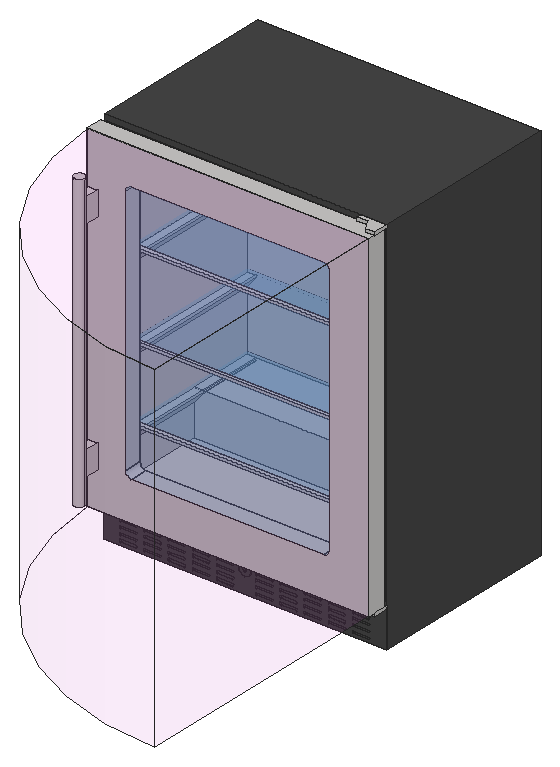
Revit family "QF_Summit_ASDG2411_ADA_Compliant_Beverage_Center", category Specialty Equipment, Revit 2020
Family settings
  Round Connector Dimension = Use Diameter
  Part Type = Normal
  Work Plane-Based = No
  Always vertical = Yes
  Cut with Voids When Loaded = No
  Shared = No
  Room Calculation Point = No
Parameters
  Weight in Pounds = 120
  Watts = if(Phase = 3, Volts * FL Amps * 1.73, Volts * FL Amps)  # 115 W
  Volts = 115 V
  URL Cutsheet = ""
  Specification by User = ""
  Specification by Manufacturer = ""
  Show RHD [instance] = yes
  Show LHD [instance] = not(Show RHD)  # no
  Show Kickplate Extension [instance] = no
  Show Feet [instance] = not(Show Kickplate Extension)  # yes
  Show Clearance [instance] = yes
  Serial Number = ""
  Seismic Rating = ""
  SMACNA No = ""
  Revision Code = ""
  Phase = 1
  Number of Poles = 1
  NAFEM Spec ID Number = ""
  Model = "ASDG2411"
  Min Ckt Ampacity = 0 A
  Max Overcurrent Protection = 0 A
  Masterspec = ""
  Manufacturer = "Summit"
  Length = 23 3/8"
  Item Number = ""
  Installed By = ""
  Identify Quantity as Lot = yes
  Height = 32"
  HP = ""
  Furnished By = ""
  Foodservice Equipment Identifier = yes
  FL Amps = 1 A
  Electrical Remarks = ""
  Electric Connection Type = ""
  Elec Conn RI Height = 0"
  Elec Conn Connection Height = 0"
  Description = "ADA Compliant Beverage Center"
  Depth = 17 3/4"
  Default Elevation = 0"
  Cycle = 60 Hz
  Conn Plug = ""
  Conn Conduit = yes
  CSI MasterFormat = ""
  Base Height [instance] = if(Show Feet, 1/2", if(Show Kickplate Extension, 2", 1/2"))  # 1/2"
  Apparent Power = if(Phase = 3, Volts * FL Amps * 1.73, Volts * FL Amps)  # 115 VA
Reference planes (in)
  plane 1 "BACK": y = 0
  plane 2: z = 0
  plane 3 "LEFT": x = 0
  plane 4 "RIGHT": x = 23.375
  plane 5 "FRONT": y = -17.75
  plane 6 "TOP": z = 32
  plane 7 "Center Y": x = 11.6875
  plane 8 "Center X": y = -8.875
  plane 9 "Base Height": z = 0.5
  plane 10: y = -39.875
  plane 11: y = -15.875
  plane 12: y = -19.625
  plane 13: z = 3.75
Forms (in)
  Extrusion 1, solid, material "QF_Metal_Black"
    sketch origin (0, 0, 0.5) x (-1, 0, 0) y (0, -1, 0)
      loop
        line (0, 0) -> (0, 15.875) -> (-23.375, 15.875) -> (-23.375, 0) -> (0, 0)
    from 0 to 31.5
  Extrusion 2, solid, material "QF_Metal_Stainless_Polished"
    sketch origin (23.375, -15.875, 0.5) x (-1, 0, 0) y (0, 0, -1)
      loop
        line (23.375, -31.25) -> (23.375, -3.25) -> (0, -3.25) -> (0, -31.25) -> (23.375, -31.25)
      loop
        arc (3.25, -27.75) -> (3.39767, -28.10233) -> (3.75, -28.25) r 0.49827
        line (3.75, -28.25) -> (19.625, -28.24827)
        arc (19.625, -28.24827) -> (19.97733, -28.10233) -> (20.125, -27.75) r 0.49827
        line (20.125, -27.75) -> (20.125, -7)
        arc (20.125, -7) -> (19.97855, -6.64645) -> (19.625, -6.5) r 0.5
        line (19.625, -6.5) -> (3.75, -6.5)
        arc (3.75, -6.5) -> (3.39645, -6.64645) -> (3.25, -7) r 0.5
        line (3.25, -7) -> (3.25, -27.75)
    from 0.375 to 1.875
  Extrusion 3, void
    sketch origin (0, -0.11403, 0) x (0, 1, 0) y (0, 0, 1)
      loop
        line (-21.38597, 30) -> (-21.38597, 5.75) -> (-9.01097, 5.75) -> (-9.01097, 9.5) -> (-3.51097, 9.5) -> (-3.51097, 30) -> (-21.38597, 30)
    from 2 to 21.375
  Extrusion 4, solid, material "Glass"
    sketch origin (23.375, -17.75, 0.5) x (-1, 0, 0) y (0, 0, -1)
      loop
        arc (20.12427, -6.99995) -> (19.9779, -6.64659) -> (19.62454, -6.50023) r 0.49973
        line (19.62454, -6.50023) -> (3.75, -6.50023)
        arc (3.75, -6.50023) -> (3.39661, -6.64661) -> (3.25023, -7) r 0.49977
        line (3.25023, -7) -> (3.25023, -27.74984)
        arc (3.25023, -27.74984) -> (3.3965, -28.10299) -> (3.74965, -28.24927) r 0.49942
        line (3.74965, -28.24927) -> (19.625, -28.24927)
        arc (19.625, -28.24927) -> (19.97803, -28.10303) -> (20.12427, -27.75) r 0.49927
        line (20.12427, -27.75) -> (20.12427, -6.99995)
    from 0 to -1.5
  Extrusion 5, solid, material "QF_Metal_Black"
    sketch origin (23.375, -15.875, 0.5) x (-1, 0, 0) y (0, 0, -1)
      loop
        line (23.375, -3.25) -> (23.375, 0) -> (0, 0) -> (0, -3.25) -> (23.375, -3.25)
      loop
        arc (14.6875, -2.768) -> (14.5625, -2.893) -> (14.6875, -3.018) r 0.125
        line (14.6875, -3.018) -> (15.9375, -3.018)
        arc (15.9375, -3.018) -> (16.0625, -2.893) -> (15.9375, -2.768) r 0.125
        line (15.9375, -2.768) -> (14.6875, -2.768)
      loop
        arc (14.6875, -2.264) -> (14.5625, -2.389) -> (14.6875, -2.514) r 0.125
        line (14.6875, -2.514) -> (15.9375, -2.514)
        arc (15.9375, -2.514) -> (16.0625, -2.389) -> (15.9375, -2.264) r 0.125
        line (15.9375, -2.264) -> (14.6875, -2.264)
      loop
        arc (14.6875, -1.76) -> (14.5625, -1.885) -> (14.6875, -2.01) r 0.125
        line (14.6875, -2.01) -> (15.9375, -2.01)
        arc (15.9375, -2.01) -> (16.0625, -1.885) -> (15.9375, -1.76) r 0.125
        line (15.9375, -1.76) -> (14.6875, -1.76)
      loop
        arc (14.6875, -1.258) -> (14.5625, -1.383) -> (14.6875, -1.508) r 0.125
        line (14.6875, -1.508) -> (15.9375, -1.508)
        arc (15.9375, -1.508) -> (16.0625, -1.383) -> (15.9375, -1.258) r 0.125
        line (15.9375, -1.258) -> (14.6875, -1.258)
      loop
        arc (14.6875, -0.754) -> (14.5625, -0.879) -> (14.6875, -1.004) r 0.125
        line (14.6875, -1.004) -> (15.9375, -1.004)
        arc (15.9375, -1.004) -> (16.0625, -0.879) -> (15.9375, -0.754) r 0.125
        line (15.9375, -0.754) -> (14.6875, -0.754)
      loop
        arc (14.6875, -0.25) -> (14.5625, -0.375) -> (14.6875, -0.5) r 0.125
        line (14.6875, -0.5) -> (15.9375, -0.5)
        arc (15.9375, -0.5) -> (16.0625, -0.375) -> (15.9375, -0.25) r 0.125
        line (15.9375, -0.25) -> (14.6875, -0.25)
      loop
        arc (12.6875, -2.768) -> (12.5625, -2.893) -> (12.6875, -3.018) r 0.125
        line (12.6875, -3.018) -> (13.9375, -3.018)
        arc (13.9375, -3.018) -> (14.0625, -2.893) -> (13.9375, -2.768) r 0.125
        line (13.9375, -2.768) -> (12.6875, -2.768)
      loop
        arc (12.6875, -2.264) -> (12.5625, -2.389) -> (12.6875, -2.514) r 0.125
        line (12.6875, -2.514) -> (13.9375, -2.514)
        arc (13.9375, -2.514) -> (14.0625, -2.389) -> (13.9375, -2.264) r 0.125
        line (13.9375, -2.264) -> (12.6875, -2.264)
      loop
        arc (12.6875, -1.76) -> (12.5625, -1.885) -> (12.6875, -2.01) r 0.125
        line (12.6875, -2.01) -> (13.9375, -2.01)
        arc (13.9375, -2.01) -> (14.0625, -1.885) -> (13.9375, -1.76) r 0.125
        line (13.9375, -1.76) -> (12.6875, -1.76)
      loop
        arc (12.6875, -1.258) -> (12.5625, -1.383) -> (12.6875, -1.508) r 0.125
        line (12.6875, -1.508) -> (13.9375, -1.508)
        arc (13.9375, -1.508) -> (14.0625, -1.383) -> (13.9375, -1.258) r 0.125
        line (13.9375, -1.258) -> (12.6875, -1.258)
      loop
        arc (12.6875, -0.754) -> (12.5625, -0.879) -> (12.6875, -1.004) r 0.125
        line (12.6875, -1.004) -> (13.9375, -1.004)
        arc (13.9375, -1.004) -> (14.0625, -0.879) -> (13.9375, -0.754) r 0.125
        line (13.9375, -0.754) -> (12.6875, -0.754)
      loop
        arc (12.6875, -0.25) -> (12.5625, -0.375) -> (12.6875, -0.5) r 0.125
        line (12.6875, -0.5) -> (13.9375, -0.5)
        arc (13.9375, -0.5) -> (14.0625, -0.375) -> (13.9375, -0.25) r 0.125
        line (13.9375, -0.25) -> (12.6875, -0.25)
      loop
        circle (11.6875, -1.885) r 0.5625
      loop
        arc (16.6875, -2.768) -> (16.5625, -2.893) -> (16.6875, -3.018) r 0.125
        line (16.6875, -3.018) -> (17.9375, -3.018)
        arc (17.9375, -3.018) -> (18.0625, -2.893) -> (17.9375, -2.768) r 0.125
        line (17.9375, -2.768) -> (16.6875, -2.768)
      loop
        arc (16.6875, -2.264) -> (16.5625, -2.389) -> (16.6875, -2.514) r 0.125
        line (16.6875, -2.514) -> (17.9375, -2.514)
        arc (17.9375, -2.514) -> (18.0625, -2.389) -> (17.9375, -2.264) r 0.125
        line (17.9375, -2.264) -> (16.6875, -2.264)
      loop
        arc (16.6875, -1.76) -> (16.5625, -1.885) -> (16.6875, -2.01) r 0.125
        line (16.6875, -2.01) -> (17.9375, -2.01)
        arc (17.9375, -2.01) -> (18.0625, -1.885) -> (17.9375, -1.76) r 0.125
        line (17.9375, -1.76) -> (16.6875, -1.76)
      loop
        arc (16.6875, -1.258) -> (16.5625, -1.383) -> (16.6875, -1.508) r 0.125
        line (16.6875, -1.508) -> (17.9375, -1.508)
        arc (17.9375, -1.508) -> (18.0625, -1.383) -> (17.9375, -1.258) r 0.125
        line (17.9375, -1.258) -> (16.6875, -1.258)
      loop
        arc (16.6875, -0.754) -> (16.5625, -0.879) -> (16.6875, -1.004) r 0.125
        line (16.6875, -1.004) -> (17.9375, -1.004)
        arc (17.9375, -1.004) -> (18.0625, -0.879) -> (17.9375, -0.754) r 0.125
        line (17.9375, -0.754) -> (16.6875, -0.754)
      loop
        arc (16.6875, -0.25) -> (16.5625, -0.375) -> (16.6875, -0.5) r 0.125
        line (16.6875, -0.5) -> (17.9375, -0.5)
        arc (17.9375, -0.5) -> (18.0625, -0.375) -> (17.9375, -0.25) r 0.125
        line (17.9375, -0.25) -> (16.6875, -0.25)
      loop
        arc (18.6875, -2.768) -> (18.5625, -2.893) -> (18.6875, -3.018) r 0.125
        line (18.6875, -3.018) -> (19.9375, -3.018)
        arc (19.9375, -3.018) -> (20.0625, -2.893) -> (19.9375, -2.768) r 0.125
        line (19.9375, -2.768) -> (18.6875, -2.768)
      loop
        arc (18.6875, -2.264) -> (18.5625, -2.389) -> (18.6875, -2.514) r 0.125
        line (18.6875, -2.514) -> (19.9375, -2.514)
        arc (19.9375, -2.514) -> (20.0625, -2.389) -> (19.9375, -2.264) r 0.125
        line (19.9375, -2.264) -> (18.6875, -2.264)
      loop
        arc (18.6875, -1.76) -> (18.5625, -1.885) -> (18.6875, -2.01) r 0.125
        line (18.6875, -2.01) -> (19.9375, -2.01)
        arc (19.9375, -2.01) -> (20.0625, -1.885) -> (19.9375, -1.76) r 0.125
        line (19.9375, -1.76) -> (18.6875, -1.76)
      loop
        arc (18.6875, -1.258) -> (18.5625, -1.383) -> (18.6875, -1.508) r 0.125
        line (18.6875, -1.508) -> (19.9375, -1.508)
        arc (19.9375, -1.508) -> (20.0625, -1.383) -> (19.9375, -1.258) r 0.125
        line (19.9375, -1.258) -> (18.6875, -1.258)
      loop
        arc (18.6875, -0.754) -> (18.5625, -0.879) -> (18.6875, -1.004) r 0.125
        line (18.6875, -1.004) -> (19.9375, -1.004)
        arc (19.9375, -1.004) -> (20.0625, -0.879) -> (19.9375, -0.754) r 0.125
        line (19.9375, -0.754) -> (18.6875, -0.754)
      loop
        arc (18.6875, -0.25) -> (18.5625, -0.375) -> (18.6875, -0.5) r 0.125
        line (18.6875, -0.5) -> (19.9375, -0.5)
        arc (19.9375, -0.5) -> (20.0625, -0.375) -> (19.9375, -0.25) r 0.125
        line (19.9375, -0.25) -> (18.6875, -0.25)
      loop
        arc (20.6875, -2.768) -> (20.5625, -2.893) -> (20.6875, -3.018) r 0.125
        line (20.6875, -3.018) -> (21.9375, -3.018)
        arc (21.9375, -3.018) -> (22.0625, -2.893) -> (21.9375, -2.768) r 0.125
        line (21.9375, -2.768) -> (20.6875, -2.768)
      loop
        arc (20.6875, -2.264) -> (20.5625, -2.389) -> (20.6875, -2.514) r 0.125
        line (20.6875, -2.514) -> (21.9375, -2.514)
        arc (21.9375, -2.514) -> (22.0625, -2.389) -> (21.9375, -2.264) r 0.125
        line (21.9375, -2.264) -> (20.6875, -2.264)
      loop
        arc (20.6875, -1.76) -> (20.5625, -1.885) -> (20.6875, -2.01) r 0.125
        line (20.6875, -2.01) -> (21.9375, -2.01)
        arc (21.9375, -2.01) -> (22.0625, -1.885) -> (21.9375, -1.76) r 0.125
        line (21.9375, -1.76) -> (20.6875, -1.76)
      loop
        arc (20.6875, -1.258) -> (20.5625, -1.383) -> (20.6875, -1.508) r 0.125
        line (20.6875, -1.508) -> (21.9375, -1.508)
        arc (21.9375, -1.508) -> (22.0625, -1.383) -> (21.9375, -1.258) r 0.125
        line (21.9375, -1.258) -> (20.6875, -1.258)
      loop
        arc (20.6875, -0.754) -> (20.5625, -0.879) -> (20.6875, -1.004) r 0.125
        line (20.6875, -1.004) -> (21.9375, -1.004)
        arc (21.9375, -1.004) -> (22.0625, -0.879) -> (21.9375, -0.754) r 0.125
        line (21.9375, -0.754) -> (20.6875, -0.754)
      loop
        arc (20.6875, -0.25) -> (20.5625, -0.375) -> (20.6875, -0.5) r 0.125
        line (20.6875, -0.5) -> (21.9375, -0.5)
        arc (21.9375, -0.5) -> (22.0625, -0.375) -> (21.9375, -0.25) r 0.125
        line (21.9375, -0.25) -> (20.6875, -0.25)
      loop
        line (8.6875, -2.768) -> (7.4375, -2.768)
        arc (7.4375, -2.768) -> (7.3125, -2.893) -> (7.4375, -3.018) r 0.125
        line (7.4375, -3.018) -> (8.6875, -3.018)
        arc (8.6875, -3.018) -> (8.8125, -2.893) -> (8.6875, -2.768) r 0.125
      loop
        line (8.6875, -2.264) -> (7.4375, -2.264)
        arc (7.4375, -2.264) -> (7.3125, -2.389) -> (7.4375, -2.514) r 0.125
        line (7.4375, -2.514) -> (8.6875, -2.514)
        arc (8.6875, -2.514) -> (8.8125, -2.389) -> (8.6875, -2.264) r 0.125
      loop
        line (8.6875, -1.76) -> (7.4375, -1.76)
        arc (7.4375, -1.76) -> (7.3125, -1.885) -> (7.4375, -2.01) r 0.125
        line (7.4375, -2.01) -> (8.6875, -2.01)
        arc (8.6875, -2.01) -> (8.8125, -1.885) -> (8.6875, -1.76) r 0.125
      loop
        line (8.6875, -1.258) -> (7.4375, -1.258)
        arc (7.4375, -1.258) -> (7.3125, -1.383) -> (7.4375, -1.508) r 0.125
        line (7.4375, -1.508) -> (8.6875, -1.508)
        arc (8.6875, -1.508) -> (8.8125, -1.383) -> (8.6875, -1.258) r 0.125
      loop
        line (8.6875, -0.754) -> (7.4375, -0.754)
        arc (7.4375, -0.754) -> (7.3125, -0.879) -> (7.4375, -1.004) r 0.125
        line (7.4375, -1.004) -> (8.6875, -1.004)
        arc (8.6875, -1.004) -> (8.8125, -0.879) -> (8.6875, -0.754) r 0.125
      loop
        line (8.6875, -0.25) -> (7.4375, -0.25)
        arc (7.4375, -0.25) -> (7.3125, -0.375) -> (7.4375, -0.5) r 0.125
        line (7.4375, -0.5) -> (8.6875, -0.5)
        arc (8.6875, -0.5) -> (8.8125, -0.375) -> (8.6875, -0.25) r 0.125
      loop
        line (10.6875, -2.768) -> (9.4375, -2.768)
        arc (9.4375, -2.768) -> (9.3125, -2.893) -> (9.4375, -3.018) r 0.125
        line (9.4375, -3.018) -> (10.6875, -3.018)
        arc (10.6875, -3.018) -> (10.8125, -2.893) -> (10.6875, -2.768) r 0.125
      loop
        line (10.6875, -2.264) -> (9.4375, -2.264)
        arc (9.4375, -2.264) -> (9.3125, -2.389) -> (9.4375, -2.514) r 0.125
        line (9.4375, -2.514) -> (10.6875, -2.514)
        arc (10.6875, -2.514) -> (10.8125, -2.389) -> (10.6875, -2.264) r 0.125
      loop
        line (10.6875, -1.76) -> (9.4375, -1.76)
        arc (9.4375, -1.76) -> (9.3125, -1.885) -> (9.4375, -2.01) r 0.125
        line (9.4375, -2.01) -> (10.6875, -2.01)
        arc (10.6875, -2.01) -> (10.8125, -1.885) -> (10.6875, -1.76) r 0.125
      loop
        line (10.6875, -1.258) -> (9.4375, -1.258)
        arc (9.4375, -1.258) -> (9.3125, -1.383) -> (9.4375, -1.508) r 0.125
        line (9.4375, -1.508) -> (10.6875, -1.508)
        arc (10.6875, -1.508) -> (10.8125, -1.383) -> (10.6875, -1.258) r 0.125
      loop
        line (10.6875, -0.754) -> (9.4375, -0.754)
        arc (9.4375, -0.754) -> (9.3125, -0.879) -> (9.4375, -1.004) r 0.125
        line (9.4375, -1.004) -> (10.6875, -1.004)
        arc (10.6875, -1.004) -> (10.8125, -0.879) -> (10.6875, -0.754) r 0.125
      loop
        line (10.6875, -0.25) -> (9.4375, -0.25)
        arc (9.4375, -0.25) -> (9.3125, -0.375) -> (9.4375, -0.5) r 0.125
        line (9.4375, -0.5) -> (10.6875, -0.5)
        arc (10.6875, -0.5) -> (10.8125, -0.375) -> (10.6875, -0.25) r 0.125
      loop
        line (6.6875, -2.768) -> (5.4375, -2.768)
        arc (5.4375, -2.768) -> (5.3125, -2.893) -> (5.4375, -3.018) r 0.125
        line (5.4375, -3.018) -> (6.6875, -3.018)
        arc (6.6875, -3.018) -> (6.8125, -2.893) -> (6.6875, -2.768) r 0.125
      loop
        line (6.6875, -2.264) -> (5.4375, -2.264)
        arc (5.4375, -2.264) -> (5.3125, -2.389) -> (5.4375, -2.514) r 0.125
        line (5.4375, -2.514) -> (6.6875, -2.514)
        arc (6.6875, -2.514) -> (6.8125, -2.389) -> (6.6875, -2.264) r 0.125
      loop
        line (6.6875, -1.76) -> (5.4375, -1.76)
        arc (5.4375, -1.76) -> (5.3125, -1.885) -> (5.4375, -2.01) r 0.125
        line (5.4375, -2.01) -> (6.6875, -2.01)
        arc (6.6875, -2.01) -> (6.8125, -1.885) -> (6.6875, -1.76) r 0.125
      loop
        line (6.6875, -1.258) -> (5.4375, -1.258)
        arc (5.4375, -1.258) -> (5.3125, -1.383) -> (5.4375, -1.508) r 0.125
        line (5.4375, -1.508) -> (6.6875, -1.508)
        arc (6.6875, -1.508) -> (6.8125, -1.383) -> (6.6875, -1.258) r 0.125
      loop
        line (6.6875, -0.754) -> (5.4375, -0.754)
        arc (5.4375, -0.754) -> (5.3125, -0.879) -> (5.4375, -1.004) r 0.125
        line (5.4375, -1.004) -> (6.6875, -1.004)
        arc (6.6875, -1.004) -> (6.8125, -0.879) -> (6.6875, -0.754) r 0.125
      loop
        line (6.6875, -0.25) -> (5.4375, -0.25)
        arc (5.4375, -0.25) -> (5.3125, -0.375) -> (5.4375, -0.5) r 0.125
        line (5.4375, -0.5) -> (6.6875, -0.5)
        arc (6.6875, -0.5) -> (6.8125, -0.375) -> (6.6875, -0.25) r 0.125
      loop
        line (4.6875, -2.768) -> (3.4375, -2.768)
        arc (3.4375, -2.768) -> (3.3125, -2.893) -> (3.4375, -3.018) r 0.125
        line (3.4375, -3.018) -> (4.6875, -3.018)
        arc (4.6875, -3.018) -> (4.8125, -2.893) -> (4.6875, -2.768) r 0.125
      loop
        line (4.6875, -2.264) -> (3.4375, -2.264)
        arc (3.4375, -2.264) -> (3.3125, -2.389) -> (3.4375, -2.514) r 0.125
        line (3.4375, -2.514) -> (4.6875, -2.514)
        arc (4.6875, -2.514) -> (4.8125, -2.389) -> (4.6875, -2.264) r 0.125
      loop
        line (4.6875, -1.76) -> (3.4375, -1.76)
        arc (3.4375, -1.76) -> (3.3125, -1.885) -> (3.4375, -2.01) r 0.125
        line (3.4375, -2.01) -> (4.6875, -2.01)
        arc (4.6875, -2.01) -> (4.8125, -1.885) -> (4.6875, -1.76) r 0.125
      loop
        line (4.6875, -1.258) -> (3.4375, -1.258)
        arc (3.4375, -1.258) -> (3.3125, -1.383) -> (3.4375, -1.508) r 0.125
        line (3.4375, -1.508) -> (4.6875, -1.508)
        arc (4.6875, -1.508) -> (4.8125, -1.383) -> (4.6875, -1.258) r 0.125
      loop
        line (4.6875, -0.754) -> (3.4375, -0.754)
        arc (3.4375, -0.754) -> (3.3125, -0.879) -> (3.4375, -1.004) r 0.125
        line (3.4375, -1.004) -> (4.6875, -1.004)
        arc (4.6875, -1.004) -> (4.8125, -0.879) -> (4.6875, -0.754) r 0.125
      loop
        line (4.6875, -0.25) -> (3.4375, -0.25)
        arc (3.4375, -0.25) -> (3.3125, -0.375) -> (3.4375, -0.5) r 0.125
        line (3.4375, -0.5) -> (4.6875, -0.5)
        arc (4.6875, -0.5) -> (4.8125, -0.375) -> (4.6875, -0.25) r 0.125
      loop
        line (2.6875, -2.768) -> (1.4375, -2.768)
        arc (1.4375, -2.768) -> (1.3125, -2.893) -> (1.4375, -3.018) r 0.125
        line (1.4375, -3.018) -> (2.6875, -3.018)
        arc (2.6875, -3.018) -> (2.8125, -2.893) -> (2.6875, -2.768) r 0.125
      loop
        line (2.6875, -2.264) -> (1.4375, -2.264)
        arc (1.4375, -2.264) -> (1.3125, -2.389) -> (1.4375, -2.514) r 0.125
        line (1.4375, -2.514) -> (2.6875, -2.514)
        arc (2.6875, -2.514) -> (2.8125, -2.389) -> (2.6875, -2.264) r 0.125
      loop
        line (2.6875, -1.76) -> (1.4375, -1.76)
        arc (1.4375, -1.76) -> (1.3125, -1.885) -> (1.4375, -2.01) r 0.125
        line (1.4375, -2.01) -> (2.6875, -2.01)
        arc (2.6875, -2.01) -> (2.8125, -1.885) -> (2.6875, -1.76) r 0.125
      loop
        line (2.6875, -1.258) -> (1.4375, -1.258)
        arc (1.4375, -1.258) -> (1.3125, -1.383) -> (1.4375, -1.508) r 0.125
        line (1.4375, -1.508) -> (2.6875, -1.508)
        arc (2.6875, -1.508) -> (2.8125, -1.383) -> (2.6875, -1.258) r 0.125
      loop
        line (2.6875, -0.754) -> (1.4375, -0.754)
        arc (1.4375, -0.754) -> (1.3125, -0.879) -> (1.4375, -1.004) r 0.125
        line (1.4375, -1.004) -> (2.6875, -1.004)
        arc (2.6875, -1.004) -> (2.8125, -0.879) -> (2.6875, -0.754) r 0.125
      loop
        line (2.6875, -0.25) -> (1.4375, -0.25)
        arc (1.4375, -0.25) -> (1.3125, -0.375) -> (1.4375, -0.5) r 0.125
        line (1.4375, -0.5) -> (2.6875, -0.5)
        arc (2.6875, -0.5) -> (2.8125, -0.375) -> (2.6875, -0.25) r 0.125
    from 0 to 0.0625
  Extrusion 6, solid, material "QF_Rubber - Black - Smooth"
    sketch origin (23.375, -15.875, 0.5) x (-1, 0, 0) y (0, 0, -1)
      loop
        line (23.1875, -3.4375) -> (0.1875, -3.4375) -> (0.1875, -31.0625) -> (23.1875, -31.0625) -> (23.1875, -3.4375)
      loop
        line (22.1875, -4.4375) -> (1.1875, -4.4375) -> (1.1875, -30.0625) -> (22.1875, -30.0625) -> (22.1875, -4.4375)
    from 0 to 0.375
  Extrusion 7, solid, material "QF_Metal - Stainless - Polished", visible <- "Show RHD"
    sketch origin (0, 0, 32) x (-1, 0, 0) y (0, -1, 0)
      loop
        line (-23.375, 15.875) -> (-21.25, 15.875) -> (-21.25, 16.3125) -> (-22.125, 16.3125) -> (-22.625, 17.125) -> (-23.375, 17.125) -> (-23.375, 15.875)
    from 0 to -0.25
  Extrusion 8, solid, material "QF_Metal - Stainless - Polished", visible <- "Show RHD"
    sketch origin (-5.70957, -180, 3.75) x (-1, 0, 0) y (0, -1, 0)
      loop
        line (-29.08457, -164.125) -> (-26.95957, -164.125) -> (-26.95957, -163.6875) -> (-27.83457, -163.6875) -> (-28.33457, -162.875) -> (-29.08457, -162.875) -> (-29.08457, -164.125)
    from 0 to -0.25
  Extrusion 9, solid, material "QF_Metal_Black"
    sketch origin (23.375, -15.9375, 0.5) x (-1, 0, 0) y (0, 0, -1)
      loop
        circle (11.6875, -1.885) r 0.5
      loop
        arc (11.71179, -2.07097) -> (11.87511, -1.88507) -> (11.71179, -1.69917) r 0.18746
        line (11.71179, -1.69917) -> (11.71179, -2.07097)
      loop
        line (11.66232, -2.07069) -> (11.66232, -1.69923)
        arc (11.66232, -1.69923) -> (11.5002, -1.88496) -> (11.66232, -2.07069) r 0.18745
    from -0.0625 to 0
  Extrusion 10, solid, material "QF_Rubber - Black - Smooth"
    sketch origin (0, 0, 0.5) x (1, 0, 0) y (0, 0, -1)
      loop
        circle (22.62756, -1) r 0.25
    from 0 to 0.0625
  Extrusion 11, solid, material "QF_Metal - Stainless - Polished", visible <- "Show RHD"
    sketch origin (0, 0, 0.5) x (-1, 0, 0) y (0, -1, 0)
      loop
        circle (-0.56375, 19.18625) r 0.43625
    from 4.25 to 28.5
  Extrusion 12, solid, material "QF_Metal - Stainless - Polished", visible <- "Show RHD"
    sketch origin (22.99875, -17.75, 0.5) x (-1, 0, 0) y (0, 0, -1)
      loop
        line (22.065, -25) -> (22.065, -27) -> (22.815, -27) -> (22.815, -25) -> (22.065, -25)
      loop
        line (22.06375, -8.25) -> (22.81375, -8.25) -> (22.81063, -6.25) -> (22.06313, -6.25) -> (22.06375, -8.25)
    from 0 to 1.43625
  Extrusion 13, solid, material "QF_Metal_Black"
    sketch origin (23.375, -15.875, 0.5) x (-1, 0, 0) y (0, 0, -1)
      loop
        line (21.375, -29.5) -> (21.375, -27.75) -> (2, -27.75) -> (2, -29.5) -> (21.375, -29.5)
    from 0 to -0.25
  Revolve 14, solid, material "QF_Metal - Stainless - Polished", visible <- "Show Feet"
    sketch origin (0, -1.6875, 0) x (1, 0, 0) y (0, 0, 1)
      loop
        line (21.67311, 0.5) -> (21.48561, 0.5) -> (21.48561, 0.375) -> (21.10713, 0.375)
        arc (21.10713, 0.375) -> (21.06898, 0.35732) -> (21.05781, 0.31678) r 0.05
        line (21.05781, 0.31678) -> (21.10365, 0.04178)
        arc (21.10365, 0.04178) -> (21.12065, 0.01185) -> (21.15297, 0) r 0.05
        line (21.15297, 0) -> (21.67311, 0) -> (21.67311, 0.5)
      axis (21.67311, 0) -> (21.67311, 0.5)
    angle from 0 to 360
  Revolve 15, solid, material "QF_Metal - Stainless - Polished", visible <- "Show Feet"
    sketch origin (0, -14.3125, 0) x (1, 0, 0) y (0, 0, 1)
      loop
        line (21.67311, 0.5) -> (21.48561, 0.5) -> (21.48561, 0.375) -> (21.10713, 0.375)
        arc (21.10713, 0.375) -> (21.06898, 0.35732) -> (21.05781, 0.31678) r 0.05
        line (21.05781, 0.31678) -> (21.10365, 0.04178)
        arc (21.10365, 0.04178) -> (21.12065, 0.01185) -> (21.15297, 0) r 0.05
        line (21.15297, 0) -> (21.67311, 0) -> (21.67311, 0.5)
      axis (21.67311, 0) -> (21.67311, 0.5)
    angle from 0 to 360
  Revolve 16, solid, material "QF_Metal - Stainless - Polished", visible <- "Show Feet"
    sketch origin (-11.29811, -1.6875, 0) x (1, 0, 0) y (0, 0, 1)
      loop
        line (13.04811, 0.5) -> (12.86061, 0.5) -> (12.86061, 0.375) -> (12.48213, 0.375)
        arc (12.48213, 0.375) -> (12.44398, 0.35732) -> (12.43281, 0.31678) r 0.05
        line (12.43281, 0.31678) -> (12.47865, 0.04178)
        arc (12.47865, 0.04178) -> (12.49565, 0.01185) -> (12.52797, 0) r 0.05
        line (12.52797, 0) -> (13.04811, 0) -> (13.04811, 0.5)
      axis (13.04811, 0) -> (13.04811, 0.5)
    angle from 0 to 360
  Revolve 17, solid, material "QF_Metal - Stainless - Polished", visible <- "Show Feet"
    sketch origin (-11.29811, -14.3125, 0) x (1, 0, 0) y (0, 0, 1)
      loop
        line (13.04811, 0.5) -> (12.86061, 0.5) -> (12.86061, 0.375) -> (12.48213, 0.375)
        arc (12.48213, 0.375) -> (12.44398, 0.35732) -> (12.43281, 0.31678) r 0.05
        line (12.43281, 0.31678) -> (12.47865, 0.04178)
        arc (12.47865, 0.04178) -> (12.49565, 0.01185) -> (12.52797, 0) r 0.05
        line (12.52797, 0) -> (13.04811, 0) -> (13.04811, 0.5)
      axis (13.04811, 0) -> (13.04811, 0.5)
    angle from 0 to 360
  Extrusion 18, solid, material "QF_Clearances_Door_Drawer", visible <- "Show RHD"
    sketch origin (0, 0, 0.5) x (-1, 0, 0) y (0, -1, 0)
      loop
        arc (-0.07647, 17.75) -> (-7.31, 33.46245) -> (-23.375, 39.875) r 23.32965
        line (-23.375, 39.875) -> (-23.375, 17.75) -> (-0.07647, 17.75)
    from 3.25 to 31.25
  Extrusion 19, solid, material "QF_Metal - Stainless - Polished"
    sketch origin (0, -3.625, 30) x (0, 0, -1) y (1, 0, 0)
      loop
        line (7.375, 2) -> (8.49343, 2) -> (7.6049, 2.75) -> (7.375, 2.75) -> (7.375, 2)
      loop
        line (14.375, 2) -> (15.49343, 2) -> (14.6049, 2.75) -> (14.375, 2.75) -> (14.375, 2)
      loop
        line (20.5, 2) -> (21.61843, 2) -> (20.7299, 2.75) -> (20.5, 2.75) -> (20.5, 2)
      loop
        line (7.375, 21.375) -> (7.375, 20.625) -> (7.6049, 20.625) -> (8.49343, 21.375) -> (7.375, 21.375)
      loop
        line (14.375, 21.375) -> (14.375, 20.625) -> (14.6049, 20.625) -> (15.49343, 21.375) -> (14.375, 21.375)
      loop
        line (20.5, 21.375) -> (20.5, 20.625) -> (20.7299, 20.625) -> (21.61843, 21.375) -> (20.5, 21.375)
    from 0 to 12
  Extrusion 20, solid, material "QF_Metal_Black"
    sketch origin (4.27727, -3.625, 30) x (0, 0, -1) y (1, 0, 0)
      loop
        circle (3.99969, 7.375) r 1.96477
      loop
        circle (3.99969, 7.375) r 1.90227
      loop
        circle (3.99969, 7.41023) r 1.625
      loop
        circle (3.99969, 7.41023) r 1.25
      loop
        circle (3.99969, 7.41023) r 0.875
      loop
        circle (3.99969, 7.41023) r 0.5
      loop
        circle (3.99969, 7.41023) r 1.5625
      loop
        circle (3.99969, 7.41023) r 1.1875
      loop
        circle (3.99969, 7.41023) r 0.8125
    from 0.125 to 0.25
  Extrusion 21, solid, material "QF_Metal_Black"
    sketch origin (4.27727, -3.625, 30) x (0, 0, -1) y (1, 0, 0)
      loop
        arc (3.50791, 7.31995) -> (3.05061, 6.88738) -> (2.99599, 6.26028) r 0.88604
        arc (2.99599, 6.26028) -> (3.28366, 5.90563) -> (3.73889, 5.86965) r 0.57918
        arc (3.73889, 5.86965) -> (3.92804, 6.09061) -> (3.82424, 6.36231) r 0.28455
        arc (3.82424, 6.36231) -> (3.67217, 6.57301) -> (3.65323, 6.83216) r 0.47652
        arc (3.65323, 6.83216) -> (3.68313, 6.91495) -> (3.73523, 6.9859) r 0.30803
        arc (3.73523, 6.9859) -> (3.97538, 6.91083) -> (4.22168, 6.96222) r 0.5
        arc (4.22168, 6.96222) -> (4.80298, 6.68934) -> (5.41594, 6.88079) r 0.88604
        arc (5.41594, 6.88079) -> (5.63166, 7.28327) -> (5.4887, 7.71697) r 0.57918
        arc (5.4887, 7.71697) -> (5.21177, 7.80589) -> (5.00138, 7.60505) r 0.28455
        arc (5.00138, 7.60505) -> (4.86594, 7.3833) -> (4.6343, 7.26557) r 0.47652
        arc (4.6343, 7.26557) -> (4.55704, 7.2603) -> (4.48091, 7.27447) r 0.30803
        arc (4.48091, 7.27447) -> (4.49497, 7.34171) -> (4.49969, 7.41023) r 0.5
        arc (4.49969, 7.41023) -> (4.44074, 7.64576) -> (4.27781, 7.82575) r 0.5
        arc (4.27781, 7.82575) -> (4.21448, 8.43492) -> (3.77116, 8.85749) r 0.88604
        arc (3.77116, 8.85749) -> (3.31451, 8.85901) -> (2.9987, 8.52917) r 0.57918
        arc (2.9987, 8.52917) -> (3.0502, 8.24291) -> (3.3263, 8.15144) r 0.28455
        arc (3.3263, 8.15144) -> (3.58568, 8.13596) -> (3.79838, 7.9867) r 0.47652
        arc (3.79838, 7.9867) -> (3.82984, 7.93982) -> (3.85221, 7.88799) r 0.30803
        arc (3.85221, 7.88799) -> (3.5721, 7.66941) -> (3.50791, 7.31995) r 0.5
    from 0 to 0.0625
  Extrusion 22, solid, material "QF_Metal - Stainless - Polished", visible <- "Show LHD"
    sketch origin (23.375, 0, 32) x (1, 0, 0) y (0, 1, 0)
      loop
        line (-23.375, -15.875) -> (-23.375, -17.125) -> (-22.625, -17.125) -> (-22.125, -16.3125) -> (-21.25, -16.3125) -> (-21.25, -15.875) -> (-23.375, -15.875)
    from 0 to -0.25
  Extrusion 23, solid, material "QF_Metal - Stainless - Polished", visible <- "Show LHD"
    sketch origin (29.08457, -180, 3.75) x (1, 0, 0) y (0, 1, 0)
      loop
        line (-29.08457, 164.125) -> (-29.08457, 162.875) -> (-28.33457, 162.875) -> (-27.83457, 163.6875) -> (-26.95957, 163.6875) -> (-26.95957, 164.125) -> (-29.08457, 164.125)
    from 0 to -0.25
  Extrusion 24, solid, material "QF_Metal - Stainless - Polished", visible <- "Show LHD"
    sketch origin (23.375, 0, 0.5) x (1, 0, 0) y (0, 1, 0)
      loop
        circle (-0.56375, -19.18625) r 0.43625
    from 4.25 to 28.5
  Extrusion 25, solid, material "QF_Metal - Stainless - Polished", visible <- "Show LHD"
    sketch origin (0.37625, -17.75, 0.5) x (1, 0, 0) y (0, 0, 1)
      loop
        line (22.065, 25) -> (22.815, 25) -> (22.815, 27) -> (22.065, 27) -> (22.065, 25)
      loop
        line (22.06375, 8.25) -> (22.06313, 6.25) -> (22.81063, 6.25) -> (22.81375, 8.25) -> (22.06375, 8.25)
    from 0 to 1.43625
  Extrusion 26, solid, material "QF_Clearances_Door_Drawer", visible <- "Show LHD"
    sketch origin (23.375, 0, 0.5) x (1, 0, 0) y (0, 1, 0)
      loop
        line (-0.07647, -17.75) -> (-23.375, -17.75) -> (-23.375, -39.875)
        arc (-23.375, -39.875) -> (-7.31, -33.46245) -> (-0.07647, -17.75) r 23.32965
    from 3.25 to 31.25
Cuts and joins
  Extrusion 3 cuts Extrusion 1
  joined: Extrusion 11, Extrusion 12
Lines and regions (in)
  symbolic lines
    curve 1: line (0, 0, 0.5) -> (23.375, 0, 0.5)
    curve 2: line (0, -15.875, 0.5) -> (0, 0, 0.5)
    curve 3: line (23.375, -15.875, 0.5) -> (0, -15.875, 0.5)
    curve 4: line (23.375, 0, 0.5) -> (23.375, -15.875, 0.5)
  symbolic lines, visible <- "Show RHD"
    curve 5: line (0, -16.25, 0.5) -> (21.25, -16.25, 0.5)
    curve 6: line (0, -17.75, 0.5) -> (0, -16.25, 0.5)
    curve 7: line (23.375, -17.75, 0.5) -> (0, -17.75, 0.5)
    curve 8: line (21.25, -15.875, 0.5) -> (21.25, -16.3125, 0.5)
    curve 9: line (21.25, -16.3125, 0.5) -> (22.125, -16.3125, 0.5)
    curve 10: line (22.125, -16.3125, 0.5) -> (22.625, -17.125, 0.5)
    curve 11: line (22.625, -17.125, 0.5) -> (23.375, -17.125, 0.5)
    curve 12: line (0.1875, -15.875, 0.5) -> (0.1875, -16.25, 0.5)
    curve 13: line (0.18375, -17.75, 0.5) -> (0.18375, -18.97197, 0.5)
    curve 14: line (0.93375, -17.75, 0.5) -> (0.93375, -18.95514, 0.5)
    curve 15: arc (1, -19.18625, 0.5) -> (0.56375, -18.75, 0.5) -> (0.1275, -19.18625, 0.5) r 0.43625
    curve 16: arc (0.1275, -19.18625, 0.5) -> (0.56375, -19.6225, 0.5) -> (1, -19.18625, 0.5) r 0.43625
    curve 20: line (23.375, -17.75, 0.5) -> (23.375, -15.875, 0.5)
  symbolic lines, style "QF_Clearances_Door_Drawer", visible <- "Show RHD"
    curve 17: arc (0.07647, -17.75, 0.5) -> (1.15736, -23.66216, 0.5) -> (3.71277, -29.10199, 0.5) r 23.32965
    curve 18: line (23.375, -17.75, 0.5) -> (3.71277, -29.10199, 0.5)
  symbolic lines, visible <- "Show LHD"
    curve 19: line (23.375, -16.25, 0.5) -> (2.125, -16.25, 0.5)
    curve 21: line (0, -17.75, 0.5) -> (23.375, -17.75, 0.5)
    curve 22: line (2.125, -15.875, 0.5) -> (2.125, -16.3125, 0.5)
    curve 23: line (2.125, -16.3125, 0.5) -> (1.25, -16.3125, 0.5)
    curve 24: line (1.25, -16.3125, 0.5) -> (0.75, -17.125, 0.5)
    curve 25: line (0.75, -17.125, 0.5) -> (0, -17.125, 0.5)
    curve 26: line (23.1875, -15.875, 0.5) -> (23.1875, -16.25, 0.5)
    curve 27: line (23.19125, -17.75, 0.5) -> (23.19125, -18.97197, 0.5)
    curve 28: line (22.44125, -17.75, 0.5) -> (22.44125, -18.95514, 0.5)
    curve 29: arc (22.375, -19.18625, 0.5) -> (22.81125, -18.75, 0.5) -> (23.2475, -19.18625, 0.5) r 0.43625
    curve 30: arc (23.2475, -19.18625, 0.5) -> (22.81125, -19.6225, 0.5) -> (22.375, -19.18625, 0.5) r 0.43625
    curve 33: line (0, -17.75, 0.5) -> (0, -15.875, 0.5)
    curve 34: line (23.375, -17.75, 0.5) -> (23.375, -16.25, 0.5)
  symbolic lines, style "QF_Clearances_Door_Drawer", visible <- "Show LHD"
    curve 31: arc (23.29853, -17.75, 0.5) -> (22.21764, -23.66216, 0.5) -> (19.66223, -29.10199, 0.5) r 23.32965
    curve 32: line (0, -17.75, 0.5) -> (19.66223, -29.10199, 0.5)
Dimensions and locks (in)
  equal spacing: plane 3 "LEFT", plane 7 "Center Y", plane 4 "RIGHT"
  "Length": plane 3 "LEFT" to plane 4 "RIGHT"
  equal spacing: plane 5 "FRONT", plane 8 "Center X", plane 1 "BACK"
  "Depth": plane 5 "FRONT" to plane 1 "BACK"
  plane 6 "TOP" to level = 32"
  "Base Height": plane 9 "Base Height" to level
  plane 10 to plane 1 "BACK" = 39 7/8"
  plane 11 to plane 1 "BACK" = 15 7/8"
  plane 12 to plane 5 "FRONT" = 1 7/8"
  plane 13 to plane 9 "Base Height" = 3 1/4"
  locked: plane 6 "TOP" to plane 9 "Base Height" at 31.5
  aligned and locked: level to plane 2
  aligned and locked: nested 1 to cut or joined group of Extrusion 1, Extrusion 3
  aligned and locked: nested 2 to cut or joined group of Extrusion 1, Extrusion 3
  aligned and locked: nested 3 to cut or joined group of Extrusion 1, Extrusion 3
Automatic sketch dimensions
  Extrusion 8 sketch curve to plane 4 "RIGHT" = 0"
  Extrusion 8 sketch curve to plane 11 = 0"
  plane 4 "RIGHT" to Extrusion 8 sketch curve = 3/4"
  Extrusion 8 sketch curve to plane 11 = 7/16"
  Extrusion 8 sketch curve to Extrusion 8 sketch curve = 1/2"
  Extrusion 8 sketch curve to Extrusion 8 sketch curve = 7/8"
  Extrusion 8 sketch curve to plane 5 "FRONT" = 5/8"
  Revolve 14 sketch curve to level = 0"
  Revolve 14 sketch curve to plane 9 "Base Height" = 0"  (x2)
  Revolve 14 sketch curve to plane 9 "Base Height" = 0.18322"
  plane 4 "RIGHT" to Revolve 14 sketch curve = 2.31719"
  level to Revolve 14 sketch curve = 0.04178"
  Revolve 14 sketch curve to Revolve 14 sketch curve = 0.04583"
  Revolve 14 sketch curve to Revolve 14 sketch curve = 0.04932"
  level to Revolve 14 sketch curve = 0.05"
  Revolve 14 sketch curve to Revolve 14 sketch curve = 0.37848"
  Revolve 14 sketch curve to Revolve 14 sketch curve = 3/16"
  Revolve 14 sketch curve to Revolve 14 sketch curve = 0.00822"
  Revolve 14 sketch curve to Revolve 14 sketch curve = 0"
  plane 9 "Base Height" to Revolve 14 sketch curve = 0.13117"
  Revolve 15 sketch curve to level = 0"
  Revolve 15 sketch curve to plane 9 "Base Height" = 0"  (x2)
  Revolve 15 sketch curve to plane 9 "Base Height" = 0.18322"
  plane 4 "RIGHT" to Revolve 15 sketch curve = 2.31719"
  level to Revolve 15 sketch curve = 0.04178"
  Revolve 15 sketch curve to Revolve 15 sketch curve = 0.04583"
  Revolve 15 sketch curve to Revolve 15 sketch curve = 0.04932"
  level to Revolve 15 sketch curve = 0.05"
  Revolve 15 sketch curve to Revolve 15 sketch curve = 0.37848"
  Revolve 15 sketch curve to Revolve 15 sketch curve = 3/16"
  Revolve 15 sketch curve to Revolve 15 sketch curve = 0.00822"
  Revolve 15 sketch curve to Revolve 15 sketch curve = 0"
  plane 9 "Base Height" to Revolve 15 sketch curve = 0.13117"
  Revolve 16 sketch curve to level = 0"
  Revolve 16 sketch curve to plane 9 "Base Height" = 0"  (x2)
  Revolve 16 sketch curve to plane 9 "Base Height" = 0.18322"
  plane 3 "LEFT" to Revolve 16 sketch curve = 1.1347"
  level to Revolve 16 sketch curve = 0.04178"
  Revolve 16 sketch curve to Revolve 16 sketch curve = 0.04583"
  Revolve 16 sketch curve to Revolve 16 sketch curve = 0.04932"  (x2)
  Revolve 16 sketch curve to Revolve 16 sketch curve = 0.37848"
  Revolve 16 sketch curve to Revolve 16 sketch curve = 3/16"
  Revolve 16 sketch curve to Revolve 16 sketch curve = 0.00822"
  Revolve 16 sketch curve to Revolve 16 sketch curve = 0"
  Revolve 16 sketch curve to Revolve 16 sketch curve = 0.13117"
  Revolve 17 sketch curve to level = 0"
  Revolve 17 sketch curve to plane 9 "Base Height" = 0"  (x2)
  Revolve 17 sketch curve to plane 9 "Base Height" = 0.18322"
  plane 3 "LEFT" to Revolve 17 sketch curve = 1.1347"
  level to Revolve 17 sketch curve = 0.04178"
  Revolve 17 sketch curve to Revolve 17 sketch curve = 0.04583"
  Revolve 17 sketch curve to Revolve 17 sketch curve = 0.04932"  (x2)
  Revolve 17 sketch curve to Revolve 17 sketch curve = 0.37848"
  Revolve 17 sketch curve to Revolve 17 sketch curve = 3/16"
  Revolve 17 sketch curve to Revolve 17 sketch curve = 0.00822"
  Revolve 17 sketch curve to Revolve 17 sketch curve = 0"
  Revolve 17 sketch curve to Revolve 17 sketch curve = 0.13117"
  Extrusion 18 sketch curve to plane 4 "RIGHT" = 0"
  plane 5 "FRONT" to Extrusion 18 sketch curve = 0"
  Extrusion 18 sketch curve to plane 10 = 0"
  plane 3 "LEFT" to Extrusion 18 sketch curve = 0.07647"
  plane 11 to Extrusion 23 sketch curve = 0"
  Extrusion 23 sketch curve to plane 5 "FRONT" = 5/8"
  plane 4 "RIGHT" to Extrusion 23 sketch curve = 23 3/8"
  Extrusion 23 sketch curve to Extrusion 23 sketch curve = 3/4"
  Extrusion 23 sketch curve to plane 11 = 7/16"
  Extrusion 23 sketch curve to Extrusion 23 sketch curve = 1/2"
  Extrusion 23 sketch curve to Extrusion 23 sketch curve = 7/8"
  Extrusion 24 sketch curve to plane 12 = 0.43875"
  Extrusion 24 sketch curve to plane 4 "RIGHT" = 0.56375"
  Extrusion 26 sketch curve to plane 10 = 0"
  plane 5 "FRONT" to Extrusion 26 sketch curve = 0"
  Extrusion 26 sketch curve to plane 4 "RIGHT" = 23 3/8"
  Extrusion 26 sketch curve to Extrusion 26 sketch curve = 23.29853"
  plane 1 "BACK" to Extrusion 1 sketch curve = 0"
  Extrusion 1 sketch curve to plane 4 "RIGHT" = 0"
  Extrusion 1 sketch curve to plane 3 "LEFT" = 0"
  Extrusion 1 sketch curve to plane 11 = 0"
  Extrusion 2 sketch curve to Extrusion 1 = 0"  (x2)
  Extrusion 2 sketch curve to Extrusion 1 = 3 1/4"
  Extrusion 2 sketch curve to Extrusion 2 sketch curve = 1/2"  (x3)
  Extrusion 1 to Extrusion 2 sketch curve = 3 3/4"  (x4)
  Extrusion 1 to Extrusion 2 sketch curve = 1/4"
  Extrusion 1 to Extrusion 2 sketch curve = 7"
  Extrusion 1 to Extrusion 2 sketch curve = 3 1/4"
  Extrusion 2 sketch curve to Extrusion 2 sketch curve = 0.00173"  (x3)
  Extrusion 2 sketch curve to Extrusion 2 sketch curve = 0"  (x4)
  Extrusion 3 sketch curve to plane 12 = 1 7/8"
  Extrusion 3 sketch curve to plane 8 "Center X" = 1/4"
  plane 1 "BACK" to Extrusion 3 sketch curve = 3 5/8"
  plane 13 to Extrusion 3 sketch curve = 2"
  Extrusion 3 sketch curve to Extrusion 3 sketch curve = 3 3/4"
  Extrusion 3 sketch curve to plane 6 "TOP" = 2"
  Extrusion 4 sketch curve to Extrusion 4 sketch curve = 0.49942"
  Extrusion 2 to Extrusion 4 sketch curve = 0.50046"
  Extrusion 5 sketch curve to Extrusion 5 sketch curve = 0"  (x90)
  Extrusion 5 sketch curve to Extrusion 1 = 0"  (x3)
  Extrusion 1 to Extrusion 5 sketch curve = 1/4"  (x7)
  Extrusion 5 sketch curve to Extrusion 1 = 1 7/16"
  Extrusion 5 sketch curve to Extrusion 5 sketch curve = 1 1/4"  (x13)
  Extrusion 5 sketch curve to Extrusion 5 sketch curve = 3/4"  (x17)
  Extrusion 1 to Extrusion 5 sketch curve = 1/2"  (x2)
  Extrusion 5 sketch curve to Extrusion 5 sketch curve = 1"  (x3)
  Extrusion 5 sketch curve to Extrusion 5 sketch curve = 1/4"  (x7)
  Extrusion 5 sketch curve to Extrusion 5 sketch curve = 0.504"  (x6)
  Extrusion 1 to Extrusion 5 sketch curve = 0.754"
  Extrusion 5 sketch curve to Extrusion 5 sketch curve = 0.254"  (x34)
  Extrusion 5 sketch curve to Extrusion 5 sketch curve = 1/8"  (x53)
  Extrusion 5 sketch curve to Extrusion 5 sketch curve = 0.252"  (x10)
  Extrusion 5 sketch curve to Extrusion 5 sketch curve = 0.232"
  Extrusion 5 sketch curve to Extrusion 5 sketch curve = 7/16"
  Extrusion 6 sketch curve to Extrusion 1 = 3/16"
  Extrusion 6 sketch curve to Extrusion 1 = 1 3/16"
  Extrusion 1 to Extrusion 6 sketch curve = 1 3/16"
  Extrusion 1 to Extrusion 6 sketch curve = 3/16"
  Extrusion 1 to Extrusion 6 sketch curve = 7/16"
  Extrusion 6 sketch curve to Extrusion 6 sketch curve = 1"  (x2)
  Extrusion 1 to Extrusion 6 sketch curve = 4 7/16"
  Extrusion 7 sketch curve to Extrusion 1 = 0"
  Extrusion 1 to Extrusion 7 sketch curve = 0"
  Extrusion 7 sketch curve to Extrusion 7 sketch curve = 3/4"
  Extrusion 1 to Extrusion 7 sketch curve = 7/16"
  Extrusion 7 sketch curve to Extrusion 7 sketch curve = 1/2"
  Extrusion 7 sketch curve to Extrusion 7 sketch curve = 7/8"
  Extrusion 1 to Extrusion 7 sketch curve = 1 1/4"
  Extrusion 9 sketch curve to Extrusion 5 = 0.06069"
  Extrusion 9 sketch curve to Extrusion 9 sketch curve = 0.02518"
  Extrusion 9 sketch curve to Extrusion 9 sketch curve = 0.00015"
  Extrusion 9 sketch curve to Extrusion 9 sketch curve = 0"
  Extrusion 9 sketch curve to Extrusion 9 sketch curve = 0.04947"
  Extrusion 9 sketch curve to Extrusion 9 sketch curve = 0.00028"
  Extrusion 9 sketch curve to Extrusion 9 sketch curve = 0.00007"
  Extrusion 9 sketch curve to Extrusion 9 sketch curve = 0.00011"
  Extrusion 10 sketch curve to Extrusion 1 = 0.74744"
  Extrusion 1 to Extrusion 10 sketch curve = 1"
  Extrusion 12 sketch curve to Extrusion 2 = 1/4"
  Extrusion 12 sketch curve to Extrusion 2 = 0.93562"
  Extrusion 12 sketch curve to Extrusion 2 = 0.935"
  Extrusion 12 sketch curve to Extrusion 2 = 0.93375"
  Extrusion 12 sketch curve to Extrusion 2 = 0.18812"
  Extrusion 12 sketch curve to Extrusion 2 = 0.185"
  Extrusion 12 sketch curve to Extrusion 2 = 0.18375"
  Extrusion 2 to Extrusion 12 sketch curve = 1 3/4"
  Extrusion 2 to Extrusion 12 sketch curve = 3 1/4"
  Extrusion 2 to Extrusion 12 sketch curve = 1 1/4"
  Extrusion 13 sketch curve to Extrusion 1 = 2"
  Extrusion 1 to Extrusion 13 sketch curve = 2"  (x2)
  Extrusion 13 sketch curve to Extrusion 13 sketch curve = 1 3/4"
  Extrusion 19 sketch curve to Extrusion 3 = 0"  (x4)
  Extrusion 3 to Extrusion 19 sketch curve = 0"  (x4)
  Extrusion 3 to Extrusion 19 sketch curve = 5.00657"  (x2)
  Extrusion 3 to Extrusion 19 sketch curve = 3/4"  (x5)
  Extrusion 19 sketch curve to Extrusion 19 sketch curve = 0.88852"  (x4)
  Extrusion 19 sketch curve to Extrusion 19 sketch curve = 0.2299"  (x6)
  Extrusion 19 sketch curve to Extrusion 19 sketch curve = 5.88157"  (x2)
  Extrusion 19 sketch curve to Extrusion 19 sketch curve = 1.11843"  (x2)
  Extrusion 19 sketch curve to Extrusion 19 sketch curve = 3/4"
  Extrusion 20 sketch curve to Extrusion 20 sketch curve = 0"  (x45)
  Extrusion 3 to Extrusion 20 sketch curve = 3.99969"
  Extrusion 3 to Extrusion 20 sketch curve = 9.65227"
  Extrusion 20 sketch curve to Extrusion 20 sketch curve = 0.03523"
  Extrusion 21 sketch curve to Extrusion 21 sketch curve = 0"  (x22)
  Extrusion 3 to Extrusion 21 sketch curve = 3.26516"
  Extrusion 21 sketch curve to Extrusion 21 sketch curve = 0.154"
  Extrusion 21 sketch curve to Extrusion 21 sketch curve = 0.00952"
  Extrusion 21 sketch curve to Extrusion 21 sketch curve = 0.27591"
  Extrusion 21 sketch curve to Extrusion 21 sketch curve = 0.12453"
  Extrusion 21 sketch curve to Extrusion 21 sketch curve = 0.13072"
  Extrusion 21 sketch curve to Extrusion 21 sketch curve = 0.09446"
  Extrusion 21 sketch curve to Extrusion 21 sketch curve = 0.29523"
  Extrusion 21 sketch curve to Extrusion 21 sketch curve = 0.10649"
  Extrusion 21 sketch curve to Extrusion 21 sketch curve = 0.44029"
  Extrusion 21 sketch curve to Extrusion 21 sketch curve = 0.16503"
  Extrusion 21 sketch curve to Extrusion 21 sketch curve = 0.54271"
  Extrusion 21 sketch curve to Extrusion 21 sketch curve = 0.0325"
  Extrusion 21 sketch curve to Extrusion 21 sketch curve = 0.28836"
  Extrusion 21 sketch curve to Extrusion 21 sketch curve = 49/256"
  Extrusion 21 sketch curve to Extrusion 21 sketch curve = 0.2208"
  Extrusion 3 to Extrusion 21 sketch curve = 8.41645"
  Extrusion 21 sketch curve to Extrusion 21 sketch curve = 0.27908"
  Extrusion 21 sketch curve to Extrusion 21 sketch curve = 0.0837"
  Extrusion 21 sketch curve to Extrusion 21 sketch curve = 0.23402"
  Extrusion 21 sketch curve to Extrusion 21 sketch curve = 0.03401"
  Extrusion 21 sketch curve to Extrusion 21 sketch curve = 0.5975"
  Extrusion 21 sketch curve to Extrusion 21 sketch curve = 0.64024"
  Extrusion 21 sketch curve to Extrusion 21 sketch curve = 0.19508"
  Extrusion 21 sketch curve to Extrusion 21 sketch curve = 0.15758"
  Extrusion 21 sketch curve to Extrusion 21 sketch curve = 0.00552"
  Extrusion 21 sketch curve to Extrusion 21 sketch curve = 0.27581"
  Extrusion 21 sketch curve to Extrusion 21 sketch curve = 0.16533"
  Extrusion 21 sketch curve to Extrusion 21 sketch curve = 0.10631"
  Extrusion 21 sketch curve to Extrusion 21 sketch curve = 0.25201"
  Extrusion 21 sketch curve to Extrusion 21 sketch curve = 0.28161"
  Extrusion 21 sketch curve to Extrusion 21 sketch curve = 0.10337"
  Extrusion 21 sketch curve to Extrusion 21 sketch curve = 0.26646"
  Extrusion 21 sketch curve to Extrusion 21 sketch curve = 0.55722"
  Extrusion 21 sketch curve to Extrusion 21 sketch curve = 0.07923"
  Extrusion 21 sketch curve to Extrusion 21 sketch curve = 0.30169"
  Extrusion 21 sketch curve to Extrusion 21 sketch curve = 0.08199"
  Extrusion 21 sketch curve to Extrusion 21 sketch curve = 0.10173"
  Extrusion 21 sketch curve to Extrusion 21 sketch curve = 0.26459"
  Extrusion 21 sketch curve to Extrusion 21 sketch curve = 0.01878"
  Extrusion 22 sketch curve to Extrusion 1 = 0"
  Extrusion 1 to Extrusion 22 sketch curve = 0"
  Extrusion 22 sketch curve to Extrusion 1 = 3/4"
  Extrusion 1 to Extrusion 22 sketch curve = 7/16"
  Extrusion 22 sketch curve to Extrusion 22 sketch curve = 1/2"
  Extrusion 22 sketch curve to Extrusion 22 sketch curve = 7/8"
  Extrusion 22 sketch curve to Extrusion 22 sketch curve = 13/16"
  Extrusion 25 sketch curve to Extrusion 2 = 1/4"
  Extrusion 25 sketch curve to Extrusion 2 = 0.93562"
  Extrusion 25 sketch curve to Extrusion 2 = 0.935"
  Extrusion 25 sketch curve to Extrusion 2 = 0.93375"
  Extrusion 25 sketch curve to Extrusion 2 = 0.18812"
  Extrusion 25 sketch curve to Extrusion 2 = 0.185"
  Extrusion 25 sketch curve to Extrusion 2 = 0.18375"
  Extrusion 2 to Extrusion 25 sketch curve = 1 3/4"
  Extrusion 2 to Extrusion 25 sketch curve = 3 1/4"
  Extrusion 2 to Extrusion 25 sketch curve = 1 1/4"
  curve 18 to plane 4 "RIGHT" = 0"
  curve 17 to plane 4 "RIGHT" = 0"
  plane 5 "FRONT" to curve 31 = 0"
  curve 26 to plane 11 = 0"
  curve 5 to plane 3 "LEFT" = 0"
  curve 31 to plane 3 "LEFT" = 0"
  plane 1 "BACK" to curve 1 = 0"
  plane 4 "RIGHT" to curve 29 = 0.56375"
  curve 11 to curve 10 = 3/4"
  curve 9 to plane 11 = 7/16"
  curve 10 to curve 9 = 1/2"
  curve 9 to curve 8 = 7/8"
  plane 4 "RIGHT" to curve 32 = 3.71277"
  plane 3 "LEFT" to curve 18 = 3.71277"
  curve 23 to plane 11 = 7/16"
  plane 3 "LEFT" to curve 23 = 2 1/8"
  curve 22 to curve 23 = 7/8"
  plane 3 "LEFT" to curve 24 = 3/4"
  plane 3 "LEFT" to curve 16 = 0.56375"
  curve 2 to curve 5 = 3/8"
  curve 5 to curve 31 = 0.29535"
  curve 3 to curve 17 = 0.67035"
  curve 25 to plane 5 "FRONT" = 5/8"
  curve 11 to plane 5 "FRONT" = 5/8"
  plane 12 to curve 15 = 0.43875"
  plane 12 to curve 29 = 0.43875"
  curve 18 to plane 12 = 9.47699"
  curve 32 to plane 12 = 9.47699"
  plane 4 "RIGHT" to curve 29 = 0.1275"
  plane 4 "RIGHT" to curve 27 = 0.18375"
  curve 19 to curve 26 = 3/16"
  curve 10 to curve 28 = 0.18375"
  curve 16 to curve 15 = 0.43625"
  curve 15 to curve 14 = 0.06625"
  curve 12 to curve 2 = 3/16"
  plane 3 "LEFT" to curve 13 = 0.18375"
  curve 19 to curve 22 = 1/16"
  radius of Extrusion 24 sketch curve = 0.43625"
  radius of Extrusion 2 to Extrusion 4 sketch curve = 0.00099"
  radius of Extrusion 4 sketch curve to Extrusion 2 = 0.00023"
  radius of Extrusion 9 sketch curve to Extrusion 5 = 1/16"
  radius of Extrusion 10 sketch curve = 1/4"
  radius of Extrusion 20 sketch curve = 1.96477"
  radius of Extrusion 20 sketch curve = 1.90227"
  radius of Extrusion 20 sketch curve = 1 5/8"
  radius of Extrusion 20 sketch curve = 1 1/4"
  radius of Extrusion 20 sketch curve = 7/8"
  radius of Extrusion 20 sketch curve = 1/2"
  radius of Extrusion 20 sketch curve = 1 9/16"
  radius of Extrusion 20 sketch curve = 1 3/16"
  radius of Extrusion 20 sketch curve = 13/16"
Nested families (in)
  nested 1: "ASDG2411_Shelf" at (0.37734, 0.76186, -3.34683), type "ASDG2411_Shelf"
    with Show Logo yes
  nested 2: "ASDG2411_Shelf" at (0.37734, 0.76186, 2.77817), type "ASDG2411_Shelf"
    with Show Logo yes
  nested 3: "ASDG2411_Shelf" at (0.37734, 0.76186, 9.77817), type "ASDG2411_Shelf"
    with Show Logo yes
Connectors (in)
  electrical at (22.62756, 0.0625, 1.5), driven by "Volts"
    settings: on Extrusion 10, index 1, voltage 115 V, apparent load 0 VA, apparent load phase1 0 VA, apparent load phase2 0 VA, apparent load phase3 0 VA, power factor 1, load classification "Other", number of poles 1, system type 30, power factor state 1, is connector primary yes, connector utility no, sub classification motor no, connector description "Electrical Connection"
Definition of nested family "ASDG2411_Shelf"
  Parameters (values of type "ASDG2411_Shelf")
    Show Logo [instance] = yes
    Lenght = 19 3/8"
    Height = 13.12527"
    Depth = 12"
    Default Elevation = 0"
  Reference planes (in)
    plane 1 "Center (Front/Back)": y = -4.38686
    plane 2: z = 0
    plane 3 "Center (Left/Right)": x = 1.62266
    plane 4: x = 20.99766
    plane 5: y = -16.38686
    plane 6: y = -10.38686
    plane 7: x = 11.31016
    plane 8 "Top": z = 13.12527
  Forms (in)
    Extrusion 1, solid
      sketch origin (-0.37734, -0.76186, -2.24692) x (-1, 0, 0) y (0, -1, 0)
        loop
          line (-2.75, 4.5) -> (-2.75, 15.375) -> (-20.625, 15.375) -> (-20.625, 4.5) -> (-2.75, 4.5)
      from 15.125 to 15.37219
    Extrusion 2, solid
      sketch origin (-0.37734, -12.23394, -2.24692) x (-1, 0, 0) y (0, -1, 0)
        loop
          line (-2, 3.90291) -> (-2, 4.15291) -> (-21.375, 4.15291) -> (-21.375, 3.90291) -> (-2, 3.90291)
      from 15.37219 to 15.125
    Extrusion 3, solid
      sketch origin (-0.37734, -7.98394, -2.24692) x (-1, 0, 0) y (0, -1, 0)
        loop
          line (-2, -3.59709) -> (-2, 8.15291) -> (-2.75, 8.15291) -> (-2.75, -2.72209) -> (-20.625, -2.72209) -> (-20.625, 8.15291) -> (-21.375, 8.15291) -> (-21.375, -3.59709) -> (-2, -3.59709)
      from 15.37219 to 15.125
  Cuts and joins
    joined: Extrusion 1, Extrusion 3
  Dimensions and locks (in)
    plane 4 to plane 3 "Center (Left/Right)" = 19 3/8"
    equal spacing: plane 3 "Center (Left/Right)", plane 7, plane 4
    "Lenght": plane 3 "Center (Left/Right)" to plane 4
    equal spacing: plane 5, plane 6, plane 1 "Center (Front/Back)"
    "Depth": plane 5 to plane 1 "Center (Front/Back)"
    "Height": plane 8 "Top" to level
    aligned and locked: level to plane 2
    aligned and locked: Extrusion 2 to Extrusion 1
    aligned and locked: Extrusion 1 to Extrusion 2
    aligned and locked: cut or joined group of Extrusion 1, Extrusion 3 to Extrusion 2
  Automatic sketch dimensions
    Extrusion 1 sketch curve to plane 4 = 3/4"
    plane 3 "Center (Left/Right)" to Extrusion 1 sketch curve = 3/4"
    plane 1 "Center (Front/Back)" to Extrusion 1 sketch curve = 7/8"
    plane 5 to Extrusion 1 sketch curve = 1/4"
    Extrusion 2 sketch curve to plane 4 = 0"
    Extrusion 2 sketch curve to plane 3 "Center (Left/Right)" = 0"
    Extrusion 2 sketch curve to plane 5 = 0"
    Extrusion 2 sketch curve to Extrusion 2 sketch curve = 1/4"
    plane 1 "Center (Front/Back)" to Extrusion 3 sketch curve = 0"
    Extrusion 3 sketch curve to plane 4 = 0"
    Extrusion 3 sketch curve to plane 3 "Center (Left/Right)" = 0"
    Extrusion 3 sketch curve to Extrusion 3 sketch curve = 3/4"
    plane 3 "Center (Left/Right)" to Extrusion 3 sketch curve = 3/4"
    plane 1 "Center (Front/Back)" to Extrusion 3 sketch curve = 7/8"
    plane 5 to Extrusion 3 sketch curve = 1/4"  (x2)
